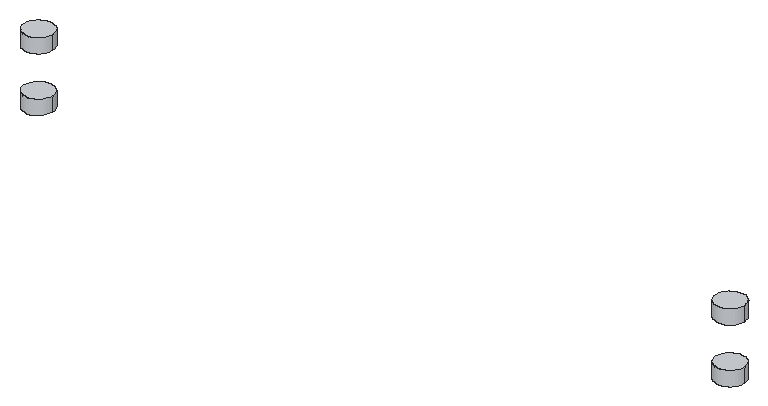
Revit family "QF_BOURGEAT_Transtherm_Four_a_chariot_10GN2_1", category Equipement spécialisé, Revit 2015
Parameters (values of type "891220")
  URL catalogue = "http://www.bourgeat.fr/fr/"
  URL = ""
  Type_de_modele = 891220 : 891220
  Type de Raccord Electrique = ""
  Type article = ""
  Tension = 400 V
  Spécification du Fabricant = "TRANS'THERM"
  Remarques Plomberie = "Débit=0.000083L/s"
  Remarques Electricité = ""
  Puissance électrique  = 17100 W
  Profondeur hors tout = 1045 mm
  Poids net à vide = 105.00 kg
  Phase = 3
  Nature_isolant = "Laine_de_roche(60mm)"
  Modèle = "891220"
  Longueur hors tout = 795 mm
  Intensité nominale = 42.75 A
  Indice de protection = "IP25"
  Hauteur hors tout = 1430 mm
  Fréquence = 50 Hz
  Fabricant = "BOURGEAT"
  Débit Eau Adoucie = 0.0 L/s
  Diamètre de Raccordement Eau Adoucie = 0 mm
  Contact_SAV = "0033 (0)4.76.32.14.44"
  Consommation énergétique = "11Kwh/h"
  Charge max = 75.00 kg
  Certification = "NF alimentaire"
Types (5, lengths in mm): name | Type_de_modele | Modèle
  (no name) | 891220 : 891220 | "891220"
  891220 | 891220 : 891220 | "891220"
  891220 + 897500 | 891220 + 897500 : 891220 + 897500 | "891220 + 897500"
  891920 | 891920 : 891920 | "891920"
  891920 + 897500 | 891920 + 897500 : 891920 + 897500 | "891920 + 897500"
Reference planes
  plane 1 "Centre (avant/arrière)": y = 0
  plane 2: z = 0
  plane 3 "Centre (gauche/droite)": x = 0
Forms (mm)
  Extrusion 1, solid
    sketch origin (0, 0, 0) x (1, 0, 0) y (0, 1, 0)
      loop
        circle (-244.5, -80) r 10
      loop
        circle (244.5, -80) r 10
    from 291.905 to 302
Dimensions and locks
  aligned and locked: level to plane 2
Nested families
  nested 1: "891220" at (0, 0, 0), type <- "Type_de_modele", type "891220"
Connectors
  electrical at (244.5, -80, 291.905)
    settings: on Extrusion 1, index 1, voltage 0 V, apparent load 0 VA, apparent load phase1 0 VA, apparent load phase2 0 VA, apparent load phase3 0 VA, power factor 1, load classification "Autre", number of poles 1, system type 30, power factor state 1, is connector primary yes, connector utility no, sub classification motor no, connector description ""
  piping at (-244.5, -80, 291.905), diameter 609.6
    settings: on Extrusion 1, index 2, connector inside diameter 609.6 mm, connector length 0 mm, flow factor 0, pipe flow 0.0 L/s, pressure drop 0.0 Pa, fitting loss kfactor 0, connector angle 0.00°, fixture units 0, engagement length 0 mm, angle of deflection 0.00°, flow configuration 0, flow direction 0, fitting loss method 0, system type 19, joint type 0, gender type 0, connector reference index -1, connector utility 0, adjustable connector no, is connector primary yes, connector description ""
Definition of nested family "891220"
  Parameters (values of type "891220")
    URL_page_produit = "http://www.bourgeat.fr/.fr/"
    URL_fiche_technique = "à venir"
    URL_SAV = "à venir"
    URL = "http://www.bourgeat.fr/.fr/"
    Type_de_raccordement = ""
    Tension = 400 V
    Puissance_electrique = 17100 W
    Protection_appareil = ""
    Profondeur_hors_tout = 1045 mm
    Poids = "105Kg"
    Nombre_pole = 1
    Niveau_sonore = ""
    Nature_isolant = "Laine_de_roche(60mm)"
    Model = "Trans'therm"
    Largeur_hors_tout = 795 mm
    Intensite = Puissance_electrique / Tension  # 42.75 A
    Indice_protection = ""
    Hauteur_hors_tout = 1430 mm
    Frequence = "50/60Hz"
    Manufacturer = "BOURGEAT"
    Contact_SAV = "0033(0)4.76.32.14.44"
    Consommation_energetique = "11Kwh"
    Code_article = "891220"
    Classe_energetique = ""
    Classe_climatique = ""
    Charge_maximum = "75Kg"
    Certification = "NF alimentaire"
  Reference planes
    plane 1 "Centre (avant/arrière)": y = 0
    plane 2: z = 0
    plane 3 "Centre (gauche/droite)": x = 0
    plane 4: y = -80
    plane 5: x = 244.5
    plane 6: x = -244.5
    plane 7: z = 341
    plane 8: z = 331
    plane 9: x = 0
    plane 10: z = 0
  Forms (mm)
    Extrusion 1, solid
      sketch origin (0, 0, 0) x (1, 0, 0) y (0, 1, 0)
        loop
          circle (-244.5, -80) r 10
        loop
          circle (244.5, -80) r 10
      from 331 to 341
  Lines and regions (mm)
    symbolic lines
      curve 1: line (375.29, -996.8, 0) -> (375.29, -1747.8, 0)
      curve 2: arc (375.29, -1747.8, 0) -> (-155.747, -1527.838, 0) -> (-375.71, -996.8, 0) r 751
  Dimensions and locks
    plane 4 to plane 1 "Centre (avant/arrière)" = 80 mm
    equal spacing: plane 6, plane 3 "Centre (gauche/droite)", plane 5, locked at 244.5 each
    locked: plane 6 to plane 5 at 489
    locked: plane 7 to plane 2 at 341
    plane 7 to plane 8 = 10 mm
    plane 9 to import instance = 397 mm
    import instance to import instance = 751 mm
    aligned and locked: level to plane 2
    aligned and locked: plane 4 to Extrusion 1 sketch curve  (x2)
    aligned and locked: plane 6 to Extrusion 1 sketch curve
    aligned and locked: plane 5 to Extrusion 1 sketch curve
    aligned and locked: plane 7 to Extrusion 1
    aligned and locked: Extrusion 1 to plane 8
    aligned and locked: plane 2 to plane 10
    aligned and locked: plane 3 "Centre (gauche/droite)" to plane 9
    aligned and locked: import instance to plane 1 "Centre (avant/arrière)"
  Automatic sketch dimensions
    plane 5 to curve 2 = 130.79 mm
    curve 2 to plane 4 = 916.8 mm
    plane 6 to curve 2 = 131.21 mm
    curve 1 to curve 2 = 0 mm
    radius of Extrusion 1 sketch curve = 10 mm  (x2)
